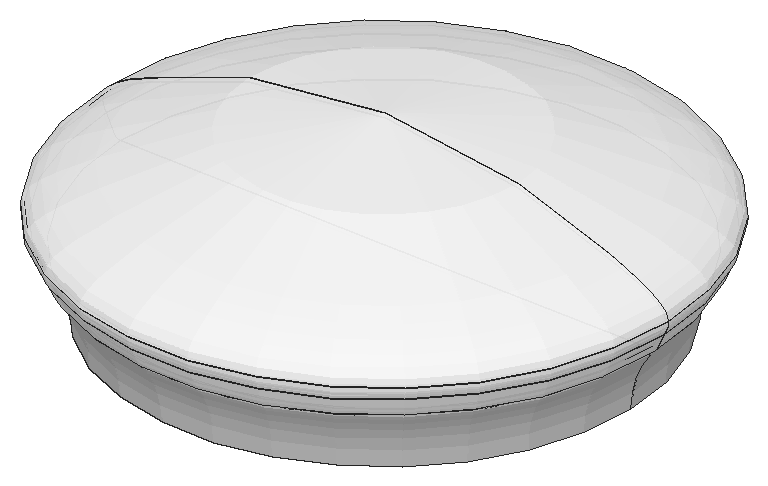
Revit family "0043405", category Lighting Devices, host Face, Revit 2023 (continued)
Definition of nested family "0043405_4000K_12.5W_lightsource"
  Parameters (values of type "START SURFACE IP54 500-2000 830/840 lightsource")
    built-in parameter 1150142 = "IESNA:LM-63-2002\r\n[TEST] 20231205007M-01\r\n[TESTLAB] \r\n[TESTDATE] 7 Dec 2023\r\n[ISSUEDATE] 7 Dec 2023\r\n[MANUFAC] SYLVANIA\r\n[LUMCAT] 0043405\r\n[LUMINAIRE] START Surface IP44 Multip 2000lm 830/840-4000K 1µµ\r\n[FLASHAREA] 0.017100\r\n[LAMPCAT] LED\r\n[LAMP] LED\r\nTILT=NONE\r\n1 1500.00 1.0 361 3 1 2 -0.300 -0.300 0.000\r\n1.00 1.00 12.50\r\n0.00 0.50 1.00 1.50 2.00 2.50 3.00 3.50 4.00 4.50 5.00 \r\n5.50 6.00 6.50 7.00 7.50 8.00 8.50 9.00 9.50 10.00 10.50 \r\n11.00 11.50 12.00 12.50 13.00 13.50 14.00 14.50 15.00 \r\n15.50 16.00 16.50 17.00 17.50 18.00 18.50 19.00 19.50 \r\n20.00 20.50 21.00 21.50 22.00 22.50 23.00 23.50 24.00 \r\n24.50 25.00 25.50 26.00 26.50 27.00 27.50 28.00 28.50 \r\n29.00 29.50 30.00 30.50 31.00 31.50 32.00 32.50 33.00 \r\n33.50 34.00 34.50 35.00 35.50 36.00 36.50 37.00 37.50 \r\n38.00 38.50 39.00 39.50 40.00 40.50 41.00 41.50 42.00 \r\n42.50 43.00 43.50 44.00 44.50 45.00 45.50 46.00 46.50 \r\n47.00 47.50 48.00 48.50 49.00 49.50 50.00 50.50 51.00 \r\n51.50 52.00 52.50 53.00 53.50 54.00 54.50 55.00 55.50 \r\n56.00 56.50 57.00 57.50 58.00 58.50 59.00 59.50 60.00 \r\n60.50 61.00 61.50 62.00 62.50 63.00 63.50 64.00 64.50 \r\n65.00 65.50 66.00 66.50 67.00 67.50 68.00 68.50 69.00 \r\n69.50 70.00 70.50 71.00 71.50 72.00 72.50 73.00 73.50 \r\n74.00 74.50 75.00 75.50 76.00 76.50 77.00 77.50 78.00 \r\n78.50 79.00 79.50 80.00 80.50 81.00 81.50 82.00 82.50 \r\n83.00 83.50 84.00 84.50 85.00 85.50 86.00 86.50 87.00 \r\n87.50 88.00 88.50 89.00 89.50 90.00 90.50 91.00 91.50 \r\n92.00 92.50 93.00 93.50 94.00 94.50 95.00 95.50 96.00 \r\n96.50 97.00 97.50 98.00 98.50 99.00 99.50 100.00 100.50 \r\n101.00 101.50 102.00 102.50 103.00 103.50 104.00 104.50 \r\n105.00 105.50 106.00 106.50 107.00 107.50 108.00 108.50 \r\n109.00 109.50 110.00 110.50 111.00 111.50 112.00 112.50 \r\n113.00 113.50 114.00 114.50 115.00 115.50 116.00 116.50 \r\n117.00 117.50 118.00 118.50 119.00 119.50 120.00 120.50 \r\n121.00 121.50 122.00 122.50 123.00 123.50 124.00 124.50 \r\n125.00 125.50 126.00 126.50 127.00 127.50 128.00 128.50 \r\n129.00 129.50 130.00 130.50 131.00 131.50 132.00 132.50 \r\n133.00 133.50 134.00 134.50 135.00 135.50 136.00 136.50 \r\n137.00 137.50 138.00 138.50 139.00 139.50 140.00 140.50 \r\n141.00 141.50 142.00 142.50 143.00 143.50 144.00 144.50 \r\n145.00 145.50 146.00 146.50 147.00 147.50 148.00 148.50 \r\n149.00 149.50 150.00 150.50 151.00 151.50 152.00 152.50 \r\n153.00 153.50 154.00 154.50 155.00 155.50 156.00 156.50 \r\n157.00 157.50 158.00 158.50 159.00 159.50 160.00 160.50 \r\n161.00 161.50 162.00 162.50 163.00 163.50 164.00 164.50 \r\n165.00 165.50 166.00 166.50 167.00 167.50 168.00 168.50 \r\n169.00 169.50 170.00 170.50 171.00 171.50 172.00 172.50 \r\n173.00 173.50 174.00 174.50 175.00 175.50 176.00 176.50 \r\n177.00 177.50 178.00 178.50 179.00 179.50 180.00 \r\n0.00 45.00 90.00 \r\n409.95 409.80 409.80 409.65 409.35 409.20 409.05 408.75 \r\n408.30 408.00 407.70 407.25 406.80 406.35 405.90 405.45 \r\n404.85 404.40 403.65 403.05 402.30 401.55 400.95 400.20 \r\n399.30 398.55 397.65 396.75 395.85 394.95 393.90 393.00 \r\n391.95 390.90 389.70 388.65 387.45 386.25 385.05 383.70 \r\n382.50 381.15 379.80 378.45 377.10 375.75 374.25 372.75 \r\n371.25 369.60 368.10 366.45 364.80 363.15 361.50 359.70 \r\n358.05 356.25 354.45 352.65 350.85 348.90 346.95 345.15 \r\n343.20 341.25 339.15 337.20 335.10 333.00 330.90 328.65 \r\n326.55 324.45 322.20 319.95 317.85 315.45 313.20 310.95 \r\n308.70 306.30 303.90 301.65 299.10 296.85 294.30 291.90 \r\n289.35 286.80 284.25 281.70 279.15 276.60 274.05 271.35 \r\n268.50 265.95 263.25 260.55 257.85 255.15 252.45 249.60 \r\n246.75 244.05 241.35 238.50 235.65 232.80 229.95 227.10 \r\n224.25 221.25 218.40 215.40 212.55 209.70 206.70 203.85 \r\n201.00 197.85 195.00 192.00 189.15 186.30 183.30 180.45 \r\n177.45 174.60 171.75 168.90 166.05 163.20 160.35 157.50 \r\n154.65 151.80 149.19 146.43 143.66 140.97 138.27 135.63 \r\n133.00 130.48 127.91 125.34 122.84 120.41 117.89 115.43 \r\n113.07 110.75 108.30 106.05 103.73 101.48 99.25 97.13 \r\n94.97 92.82 90.77 88.77 86.72 84.75 82.81 80.89 79.06 \r\n77.27 75.45 73.72 71.97 70.28 68.59 66.96 65.36 63.73 \r\n62.18 60.64 59.19 57.73 56.30 54.90 53.49 52.14 50.91 \r\n49.66 48.48 47.34 46.21 45.11 44.04 42.97 41.95 40.99 \r\n40.05 39.15 38.23 37.32 36.53 35.76 34.99 34.28 33.55 \r\n32.89 32.25 31.66 31.08 30.51 29.98 29.49 28.99 28.55 \r\n28.09 27.63 27.24 26.88 26.57 26.22 25.92 25.61 25.32 \r\n25.04 24.78 24.53 24.30 24.05 23.80 23.58 23.36 23.14 \r\n22.93 22.73 22.52 22.34 22.16 21.98 21.78 21.62 21.42 \r\n21.23 21.06 20.88 20.68 20.49 20.29 20.10 19.91 19.71 \r\n19.52 19.30 19.13 18.93 18.72 18.51 18.32 18.09 17.88 \r\n17.67 17.46 17.27 17.07 16.88 16.70 16.53 16.37 16.20 \r\n16.05 15.90 15.72 15.55 15.36 15.18 15.02 14.82 14.66 \r\n14.49 14.33 14.16 13.99 13.84 13.69 13.55 13.38 13.20 \r\n12.98 12.72 12.46 12.18 11.91 11.62 11.35 11.08 10.81 \r\n10.52 10.27 10.03 9.78 9.54 9.32 9.16 9.02 8.92 8.84 8.78 \r\n8.76 8.77 8.85 8.87 8.89 8.94 8.95 9.01 9.02 9.02 9.02 \r\n9.02 9.10 9.17 9.30 9.38 9.44 9.49 9.52 9.56 9.56 9.57 \r\n9.49 9.21 8.80 8.21 7.50 6.69 5.88 5.28 4.92 4.72 4.62 \r\n4.38 4.06 3.72 3.51 3.52 3.70 3.90 4.04 4.17 4.28 4.34 \r\n4.43 5.24 5.43 5.76 6.40 7.18 7.75 8.17 8.39 8.34 8.18 \r\n409.95 409.95 409.95 409.80 409.65 409.65 409.35 409.20 \r\n408.90 408.75 408.45 408.15 407.70 407.40 406.95 406.50 \r\n405.90 405.45 404.85 404.25 403.80 403.20 402.45 401.70 \r\n401.10 400.20 399.45 398.55 397.80 396.90 395.85 394.95 \r\n393.90 393.00 391.95 390.90 389.85 388.65 387.60 386.25 \r\n385.05 383.85 382.65 381.30 379.80 378.45 377.10 375.75 \r\n374.25 372.75 371.25 369.60 368.10 366.60 364.95 363.15 \r\n361.50 359.85 358.05 356.25 354.45 352.65 350.70 348.75 \r\n346.95 345.00 343.05 340.95 339.00 336.90 334.95 332.85 \r\n330.75 328.65 326.40 324.15 322.05 319.80 317.55 315.15 \r\n312.90 310.50 308.10 305.85 303.45 301.05 298.50 296.10 \r\n293.55 291.15 288.60 286.05 283.50 280.95 278.25 275.70 \r\n273.00 270.45 267.75 265.05 262.35 259.65 256.80 254.10 \r\n251.25 248.40 245.55 242.70 240.00 237.15 234.15 231.30 \r\n228.45 225.60 222.60 219.75 216.75 213.90 211.05 208.05 \r\n205.20 202.20 199.20 196.35 193.35 190.50 187.50 184.65 \r\n181.65 178.80 175.95 172.95 170.10 167.25 164.40 161.55 \r\n158.70 156.00 153.30 150.60 147.70 145.02 142.38 139.68 \r\n137.02 134.40 131.75 129.10 126.60 124.11 121.56 119.02 \r\n116.59 114.18 111.78 109.47 107.16 104.82 102.63 100.35 \r\n98.09 95.94 93.87 91.68 89.55 87.50 85.55 83.53 81.57 \r\n79.75 77.94 76.06 74.27 72.59 70.83 69.07 67.48 65.79 \r\n64.17 62.55 61.01 59.45 57.96 56.58 55.19 53.78 52.43 \r\n51.14 49.91 48.61 47.45 46.29 45.13 44.04 42.93 41.89 \r\n40.92 39.99 39.08 38.17 37.28 36.45 35.66 34.88 34.14 \r\n33.42 32.73 32.10 31.47 30.88 30.30 29.82 29.34 28.88 \r\n28.41 27.99 27.59 27.21 26.85 26.52 26.19 25.91 25.65 \r\n25.38 25.14 24.95 24.72 24.55 24.38 24.24 24.09 23.94 \r\n23.82 23.70 23.59 23.49 23.38 23.25 23.09 22.93 22.75 \r\n22.56 22.35 22.13 21.88 21.66 21.41 21.12 20.85 20.55 \r\n20.25 19.92 19.62 19.30 19.00 18.71 18.46 18.20 17.91 \r\n17.66 17.40 17.14 16.88 16.59 16.30 15.98 15.64 15.24 \r\n14.87 14.43 13.99 13.54 13.12 12.69 12.28 11.87 11.47 \r\n11.05 10.69 10.32 9.98 9.68 9.37 9.11 8.84 8.59 8.34 8.12 \r\n7.89 7.68 7.50 7.33 7.18 7.01 6.89 6.74 6.71 6.69 6.67 \r\n6.65 6.63 6.66 6.70 6.78 6.91 7.04 7.14 7.23 7.32 7.43 \r\n7.57 7.75 7.91 8.06 8.18 8.31 8.34 8.33 8.30 8.29 8.22 \r\n8.05 7.79 7.57 7.43 7.30 7.09 6.78 6.44 6.10 5.76 5.42 \r\n5.01 4.51 4.02 3.69 3.68 3.66 3.65 3.63 3.62 3.61 3.59 \r\n3.58 3.56 3.55 3.54 3.56 3.61 3.70 3.80 4.15 4.52 5.01 \r\n5.66 6.45 7.34 8.20 8.77 8.79 8.78 \r\n409.95 409.95 409.95 409.95 409.95 409.80 409.65 409.50 \r\n409.20 409.05 408.75 408.45 408.15 407.70 407.40 406.80 \r\n406.35 405.90 405.45 404.85 404.25 403.65 403.05 402.30 \r\n401.55 400.95 400.05 399.30 398.40 397.65 396.75 395.70 \r\n394.80 393.90 392.85 391.80 390.60 389.55 388.35 387.15 \r\n385.95 384.75 383.40 382.20 380.85 379.50 378.15 376.65 \r\n375.30 373.80 372.30 370.65 369.15 367.50 365.85 364.20 \r\n362.55 360.75 359.10 357.30 355.35 353.70 351.75 349.95 \r\n348.00 346.05 344.10 342.15 340.05 337.95 336.00 333.90 \r\n331.80 329.70 327.60 325.35 323.10 320.85 318.60 316.35 \r\n314.10 311.70 309.45 306.90 304.65 302.25 299.85 297.30 \r\n294.90 292.35 289.80 287.25 284.85 282.15 279.60 276.90 \r\n274.35 271.65 268.95 266.25 263.70 260.85 258.15 255.30 \r\n252.60 249.90 247.05 244.20 241.35 238.50 235.80 232.80 \r\n229.95 227.10 224.10 221.25 218.25 215.40 212.55 209.55 \r\n206.70 203.70 200.70 197.70 194.85 192.00 189.00 186.15 \r\n183.15 180.30 177.45 174.60 171.60 168.60 165.90 163.05 \r\n160.20 157.35 154.65 151.80 149.01 146.25 143.66 140.88 \r\n138.19 135.65 133.00 130.37 127.83 125.30 122.77 120.31 \r\n117.84 115.41 113.00 110.70 108.34 105.96 103.65 101.43 \r\n99.14 96.98 94.86 92.76 90.66 88.65 86.59 84.59 82.64 \r\n80.78 78.91 77.07 75.16 73.39 71.63 69.95 68.25 66.51 \r\n64.92 63.30 61.66 60.16 58.62 57.20 55.77 54.34 52.99 \r\n51.68 50.40 49.19 47.98 46.83 45.69 44.56 43.50 42.45 \r\n41.45 40.50 39.55 38.61 37.71 36.84 36.06 35.30 34.55 \r\n33.81 33.12 32.49 31.89 31.29 30.73 30.20 29.68 29.19 \r\n28.76 28.29 27.83 27.43 27.05 26.67 26.37 26.09 25.82 \r\n25.56 25.30 25.09 24.90 24.69 24.53 24.34 24.15 24.08 \r\n23.91 23.76 23.61 23.49 23.36 23.17 23.04 22.93 22.83 \r\n22.73 22.61 22.52 22.41 22.32 22.23 22.14 22.04 21.93 \r\n21.84 21.75 21.66 21.57 21.50 21.41 21.33 21.23 21.13 \r\n21.02 20.85 20.71 20.54 20.36 20.16 19.93 19.68 19.41 \r\n19.11 18.83 18.52 18.20 17.88 17.55 17.23 16.91 16.54 \r\n16.20 15.86 15.50 15.12 14.77 14.46 14.13 13.88 13.62 \r\n13.40 13.20 12.97 12.75 12.54 12.33 12.12 11.90 11.69 \r\n11.51 11.34 11.16 10.99 10.83 10.66 10.48 10.33 10.17 \r\n10.02 9.85 9.69 9.51 9.29 9.08 8.87 8.68 8.53 8.31 8.11 \r\n7.80 7.41 7.00 6.65 6.32 6.03 5.71 5.36 4.99 4.63 4.24 \r\n3.91 3.65 3.50 3.42 3.39 3.41 3.64 3.98 4.37 4.71 4.91 \r\n5.04 5.11 5.13 4.73 4.23 3.90 3.91 3.92 3.93 3.93 3.94 \r\n3.94 4.00 4.08 4.48 4.82 5.18 5.66 6.28 7.19 7.98 8.42 \r\n8.59 8.71 \r\n"
    Model = "START SURFACE IP54 500-2000 830/840 lightsource"
    Manufacturer = "Feilo Sylvania"
    built-in parameter 1150105 = 409.95 (stored number, unit not read)
    Lumens = 1500 lm
    built-in parameter 1150115 = 1 (stored number, unit not read)
    built-in parameter 1150137 = (empty or 0)
    built-in parameter 1150139 = (empty or 0)
    built-in parameter 1150112 = 1 (stored number, unit not read)
    built-in parameter 1150114 = 1 (stored number, unit not read)
    Lamp = "LED"
    Keynote = "16500"
    built-in parameter 1150132 = (empty or 0)
    built-in parameter 1150102 = 120
    built-in parameter 1150107 = 4000 (stored number, unit not read)
    built-in parameter 1150138 = (empty or 0)
    built-in parameter 1150106 = 4.0995 (stored number, unit not read)
    Emit from Circle Diameter = 300 mm  # constant formula
    Emit Shape Visible in Rendering = no
    built-in parameter 1150104 = 11.148 (stored number, unit not read)
    Dimming Lamp Color Temperature Shift = (empty or 0)
    Description = ""
    Default Elevation = 1219.2 mm
    Cost = 0
    Color Filter = 16777215
    built-in parameter 1114216 [instance] = (empty or 0)
    built-in parameter 1114218 = 1 (stored number, unit not read)
    built-in parameter 1150133 = 10 (stored number, unit not read)
    Assembly Code = "D5020200"
    Apparent Load = 0 VA
  Reference planes
    plane 1 "Center (Front/Back)": y = 0
    plane 2: z = 0
    plane 3 "Center (Left/Right)": x = 0
  Forms (mm)
    Extrusion 1, solid
      sketch origin (4.2, 0, 0) x (1, 0, 0) y (0, 1, 0)
        loop
          line (-1219.2, 1219.2) -> (-1219.2, -1219.2) -> (1219.2, -1219.2) -> (1219.2, 1219.2) -> (-1219.2, 1219.2)
      from 0 to -68.017
  Dimensions and locks
    aligned and locked: plane 2 to Extrusion 1
    aligned and locked: level to Extrusion 1
Definition of nested family "0043405_4000K_16.5W_lightsource"
  Parameters (values of type "START SURFACE IP54 500-2000 830/840 lightsource")
    Wattage Comments = "n/a"
    Wattage = 16.5 W
    built-in parameter 1150110 = 1 (stored number, unit not read)
    URL = "http://www.sylvania-lighting.com"
    Type Image = (empty or 0)
    Type Comments = "n/a"
    built-in parameter 1114217 = 1 (stored number, unit not read)
    Tilt Angle = -90.00°
    built-in parameter 1150109 = 1 (stored number, unit not read)
    built-in parameter 1150134 = 12
    built-in parameter 1150113 = 1 (stored number, unit not read)
    Photometric Web File = "0043405_4000K_16.5W.IES"
    built-in parameter 1150142 = "IESNA:LM-63-2002\r\n[TEST] 20231205007M-01\r\n[TESTLAB] \r\n[TESTDATE] 7 Dec 2023\r\n[ISSUEDATE] 7 Dec 2023\r\n[MANUFAC] SYLVANIA\r\n[LUMCAT] 0043405\r\n[LUMINAIRE] START Surface IP44 Multip 2000lm 830/840-4000K 1µµ\r\n[FLASHAREA] 0.017100\r\n[LAMPCAT] LED\r\n[LAMP] LED\r\nTILT=NONE\r\n1 2000.00 1.0 361 3 1 2 -0.300 -0.300 0.000\r\n1.00 1.00 16.50\r\n0.00 0.50 1.00 1.50 2.00 2.50 3.00 3.50 4.00 4.50 5.00 \r\n5.50 6.00 6.50 7.00 7.50 8.00 8.50 9.00 9.50 10.00 10.50 \r\n11.00 11.50 12.00 12.50 13.00 13.50 14.00 14.50 15.00 \r\n15.50 16.00 16.50 17.00 17.50 18.00 18.50 19.00 19.50 \r\n20.00 20.50 21.00 21.50 22.00 22.50 23.00 23.50 24.00 \r\n24.50 25.00 25.50 26.00 26.50 27.00 27.50 28.00 28.50 \r\n29.00 29.50 30.00 30.50 31.00 31.50 32.00 32.50 33.00 \r\n33.50 34.00 34.50 35.00 35.50 36.00 36.50 37.00 37.50 \r\n38.00 38.50 39.00 39.50 40.00 40.50 41.00 41.50 42.00 \r\n42.50 43.00 43.50 44.00 44.50 45.00 45.50 46.00 46.50 \r\n47.00 47.50 48.00 48.50 49.00 49.50 50.00 50.50 51.00 \r\n51.50 52.00 52.50 53.00 53.50 54.00 54.50 55.00 55.50 \r\n56.00 56.50 57.00 57.50 58.00 58.50 59.00 59.50 60.00 \r\n60.50 61.00 61.50 62.00 62.50 63.00 63.50 64.00 64.50 \r\n65.00 65.50 66.00 66.50 67.00 67.50 68.00 68.50 69.00 \r\n69.50 70.00 70.50 71.00 71.50 72.00 72.50 73.00 73.50 \r\n74.00 74.50 75.00 75.50 76.00 76.50 77.00 77.50 78.00 \r\n78.50 79.00 79.50 80.00 80.50 81.00 81.50 82.00 82.50 \r\n83.00 83.50 84.00 84.50 85.00 85.50 86.00 86.50 87.00 \r\n87.50 88.00 88.50 89.00 89.50 90.00 90.50 91.00 91.50 \r\n92.00 92.50 93.00 93.50 94.00 94.50 95.00 95.50 96.00 \r\n96.50 97.00 97.50 98.00 98.50 99.00 99.50 100.00 100.50 \r\n101.00 101.50 102.00 102.50 103.00 103.50 104.00 104.50 \r\n105.00 105.50 106.00 106.50 107.00 107.50 108.00 108.50 \r\n109.00 109.50 110.00 110.50 111.00 111.50 112.00 112.50 \r\n113.00 113.50 114.00 114.50 115.00 115.50 116.00 116.50 \r\n117.00 117.50 118.00 118.50 119.00 119.50 120.00 120.50 \r\n121.00 121.50 122.00 122.50 123.00 123.50 124.00 124.50 \r\n125.00 125.50 126.00 126.50 127.00 127.50 128.00 128.50 \r\n129.00 129.50 130.00 130.50 131.00 131.50 132.00 132.50 \r\n133.00 133.50 134.00 134.50 135.00 135.50 136.00 136.50 \r\n137.00 137.50 138.00 138.50 139.00 139.50 140.00 140.50 \r\n141.00 141.50 142.00 142.50 143.00 143.50 144.00 144.50 \r\n145.00 145.50 146.00 146.50 147.00 147.50 148.00 148.50 \r\n149.00 149.50 150.00 150.50 151.00 151.50 152.00 152.50 \r\n153.00 153.50 154.00 154.50 155.00 155.50 156.00 156.50 \r\n157.00 157.50 158.00 158.50 159.00 159.50 160.00 160.50 \r\n161.00 161.50 162.00 162.50 163.00 163.50 164.00 164.50 \r\n165.00 165.50 166.00 166.50 167.00 167.50 168.00 168.50 \r\n169.00 169.50 170.00 170.50 171.00 171.50 172.00 172.50 \r\n173.00 173.50 174.00 174.50 175.00 175.50 176.00 176.50 \r\n177.00 177.50 178.00 178.50 179.00 179.50 180.00 \r\n0.00 45.00 90.00 \r\n543.40 543.20 543.00 542.80 542.60 542.20 542.00 541.60 \r\n541.00 540.60 540.20 539.60 539.00 538.40 537.60 537.00 \r\n536.20 535.40 534.40 533.60 532.60 531.60 530.60 529.60 \r\n528.60 527.40 526.20 525.00 523.80 522.40 521.20 519.80 \r\n518.40 517.00 515.40 514.00 512.40 510.80 509.20 507.40 \r\n505.60 504.00 502.20 500.20 498.40 496.40 494.40 492.60 \r\n490.60 488.40 486.20 484.20 482.00 479.80 477.40 475.20 \r\n472.80 470.40 468.00 465.60 463.20 460.60 458.00 455.60 \r\n453.00 450.20 447.60 444.80 442.20 439.40 436.60 433.80 \r\n431.00 428.20 425.20 422.20 419.20 416.20 413.20 410.20 \r\n407.20 404.00 401.00 397.80 394.60 391.40 388.20 384.80 \r\n381.40 378.20 375.00 371.60 368.20 364.80 361.20 357.80 \r\n354.20 350.80 347.20 343.60 340.20 336.60 332.80 329.20 \r\n325.40 321.80 318.00 314.20 310.60 306.80 303.00 299.20 \r\n295.40 291.60 287.80 284.00 280.20 276.40 272.40 268.40 \r\n264.80 260.80 257.00 253.00 249.20 245.60 241.60 237.80 \r\n234.00 230.00 226.20 222.40 218.80 215.00 211.20 207.60 \r\n203.80 200.20 196.68 193.00 189.38 185.80 182.30 178.86 \r\n175.42 172.08 168.58 165.16 161.90 158.62 155.36 152.16 \r\n149.04 145.92 142.90 139.84 136.86 133.94 131.00 128.10 \r\n125.20 122.40 119.78 117.22 114.62 112.10 109.66 107.18 \r\n104.70 102.44 100.02 97.70 95.42 93.22 90.98 88.78 86.66 \r\n84.48 82.34 80.30 78.32 76.38 74.44 72.62 70.78 69.04 \r\n67.34 65.74 64.16 62.62 61.14 59.64 58.18 56.80 55.44 \r\n54.16 52.96 51.74 50.58 49.48 48.44 47.42 46.44 45.42 \r\n44.46 43.58 42.74 41.96 41.22 40.50 39.80 39.16 38.54 \r\n37.96 37.40 36.86 36.36 35.86 35.38 34.88 34.48 34.08 \r\n33.68 33.30 32.96 32.62 32.28 31.98 31.68 31.38 31.06 \r\n30.78 30.50 30.22 29.96 29.70 29.44 29.18 28.92 28.68 \r\n28.42 28.16 27.94 27.68 27.44 27.16 26.90 26.64 26.36 \r\n26.08 25.82 25.54 25.28 25.02 24.74 24.46 24.18 23.88 \r\n23.60 23.32 23.08 22.80 22.54 22.28 22.04 21.82 21.60 \r\n21.38 21.14 20.90 20.66 20.44 20.20 19.96 19.72 19.49 \r\n19.26 19.04 18.80 18.59 18.38 18.18 18.01 17.80 17.59 \r\n17.31 16.96 16.58 16.19 15.82 15.45 15.08 14.70 14.34 \r\n13.98 13.61 13.25 12.93 12.62 12.31 12.04 11.85 11.70 \r\n11.56 11.45 11.40 11.40 11.55 11.68 11.76 11.84 11.91 \r\n11.99 12.02 12.03 12.03 12.00 11.99 11.99 12.04 12.15 \r\n12.27 12.36 12.43 12.46 12.47 12.48 12.48 12.34 11.95 \r\n11.38 10.56 9.65 8.58 7.62 6.82 6.47 6.28 6.22 5.97 5.56 \r\n5.15 4.99 5.07 5.30 5.52 5.69 5.81 5.92 5.99 6.16 7.26 \r\n7.52 8.01 8.84 9.82 10.56 11.01 11.17 10.92 10.59 \r\n543.40 543.40 543.40 543.20 543.20 542.80 542.60 542.40 \r\n542.00 541.60 541.40 540.80 540.40 539.80 539.20 538.60 \r\n538.00 537.40 536.60 535.80 535.00 534.20 533.40 532.40 \r\n531.40 530.40 529.40 528.20 527.00 525.80 524.60 523.40 \r\n522.00 520.80 519.40 517.80 516.40 515.00 513.40 511.80 \r\n510.20 508.60 506.80 505.20 503.40 501.60 499.60 497.80 \r\n495.80 493.80 491.80 489.60 487.80 485.60 483.40 481.20 \r\n479.00 476.60 474.40 472.00 469.60 467.20 464.60 462.20 \r\n459.60 457.00 454.40 451.80 449.20 446.60 443.80 441.00 \r\n438.20 435.40 432.60 429.60 426.80 423.80 420.80 417.80 \r\n414.80 411.60 408.60 405.60 402.40 399.20 396.00 392.80 \r\n389.60 386.20 382.80 379.60 376.20 373.00 369.40 365.80 \r\n362.40 359.00 355.40 352.00 348.40 344.80 341.00 337.60 \r\n334.00 330.20 326.60 322.80 319.20 315.40 311.60 307.80 \r\n304.20 300.20 296.40 292.60 288.80 285.00 281.00 277.20 \r\n273.40 269.60 265.60 261.80 258.00 254.00 250.20 246.40 \r\n242.60 238.80 234.80 231.20 227.40 223.40 219.80 216.00 \r\n212.40 208.60 205.00 201.20 197.62 194.00 190.46 186.80 \r\n183.48 179.86 176.40 172.98 169.72 166.28 162.98 159.64 \r\n156.36 153.14 149.94 146.80 143.70 140.60 137.58 134.54 \r\n131.66 128.80 126.00 123.16 120.30 117.54 114.88 112.24 \r\n109.66 107.16 104.70 102.32 99.94 97.62 95.28 92.94 90.74 \r\n88.50 86.28 84.18 82.12 80.04 78.08 76.18 74.32 72.44 \r\n70.62 68.88 67.18 65.48 63.88 62.32 60.84 59.38 57.94 \r\n56.58 55.20 53.88 52.64 51.48 50.28 49.14 48.06 47.10 \r\n46.12 45.20 44.24 43.40 42.54 41.76 40.98 40.24 39.56 \r\n38.90 38.28 37.72 37.24 36.74 36.26 35.80 35.38 34.98 \r\n34.62 34.26 33.94 33.66 33.38 33.10 32.88 32.68 32.48 \r\n32.32 32.14 31.98 31.84 31.72 31.54 31.34 31.14 30.92 \r\n30.66 30.40 30.12 29.82 29.52 29.20 28.84 28.48 28.10 \r\n27.70 27.28 26.86 26.42 26.02 25.62 25.24 24.86 24.48 \r\n24.10 23.76 23.40 23.02 22.68 22.30 21.88 21.38 20.86 \r\n20.34 19.78 19.19 18.58 17.99 17.43 16.86 16.30 15.74 \r\n15.26 14.78 14.28 13.80 13.37 12.97 12.59 12.25 11.92 \r\n11.61 11.31 11.02 10.75 10.52 10.27 10.01 9.77 9.57 9.37 \r\n9.20 9.16 9.11 9.07 9.03 8.99 9.01 9.04 9.16 9.31 9.48 \r\n9.63 9.75 9.86 10.00 10.19 10.43 10.63 10.81 10.95 11.01 \r\n11.03 11.02 10.98 10.87 10.72 10.42 10.08 9.80 9.65 9.49 \r\n9.18 8.78 8.29 7.81 7.33 6.90 6.36 5.68 5.11 4.72 4.58 \r\n4.59 4.61 4.62 4.63 4.64 4.65 4.66 4.67 4.76 4.84 4.95 \r\n5.07 5.17 5.31 5.74 6.19 6.80 7.64 8.63 9.81 10.99 11.63 \r\n11.65 11.58 \r\n543.40 543.60 543.60 543.60 543.60 543.40 543.20 543.00 \r\n542.80 542.60 542.20 541.80 541.40 541.00 540.60 540.00 \r\n539.60 539.00 538.20 537.60 536.80 536.20 535.20 534.40 \r\n533.40 532.60 531.60 530.60 529.60 528.40 527.20 526.20 \r\n524.80 523.60 522.20 521.00 519.60 518.20 516.60 515.20 \r\n513.60 512.00 510.40 508.60 507.00 505.20 503.40 501.60 \r\n499.80 497.80 495.80 493.80 491.80 489.80 487.60 485.60 \r\n483.20 481.20 478.80 476.60 474.20 471.80 469.40 467.00 \r\n464.40 462.00 459.60 456.80 454.20 451.60 449.00 446.20 \r\n443.40 440.60 437.80 435.00 432.20 429.20 426.20 423.40 \r\n420.40 417.40 414.20 411.20 408.00 405.00 401.80 398.60 \r\n395.40 392.20 388.80 385.40 382.20 378.80 375.40 372.00 \r\n368.60 365.20 361.80 358.20 354.60 351.20 347.60 344.00 \r\n340.40 336.60 333.00 329.20 325.60 321.80 318.20 314.40 \r\n310.60 306.80 303.00 299.20 295.40 291.60 287.80 283.80 \r\n280.00 276.00 272.20 268.40 264.40 260.60 256.80 252.80 \r\n249.00 245.00 241.20 237.40 233.60 229.80 226.00 222.20 \r\n218.40 214.60 211.00 207.20 203.40 199.76 196.16 192.54 \r\n188.90 185.48 181.92 178.40 174.90 171.50 168.08 164.74 \r\n161.36 158.10 154.84 151.70 148.50 145.44 142.30 139.26 \r\n136.20 133.26 130.42 127.52 124.62 121.82 119.06 116.36 \r\n113.66 111.10 108.54 106.02 103.52 101.04 98.66 96.30 \r\n94.00 91.76 89.50 87.30 85.12 83.08 81.02 79.04 77.08 \r\n75.18 73.34 71.58 69.76 68.04 66.42 64.86 63.28 61.72 \r\n60.22 58.78 57.34 55.92 54.62 53.38 52.18 51.00 49.90 \r\n48.80 47.76 46.72 45.76 44.82 43.88 43.04 42.24 41.48 \r\n40.76 40.06 39.42 38.80 38.22 37.72 37.12 36.58 36.10 \r\n35.62 35.22 34.86 34.50 34.20 33.90 33.62 33.36 33.12 \r\n32.90 32.74 32.54 32.32 32.12 31.94 31.74 31.52 31.34 \r\n31.18 31.04 30.90 30.76 30.64 30.50 30.38 30.26 30.12 \r\n30.00 29.88 29.74 29.64 29.52 29.40 29.30 29.18 29.08 \r\n28.96 28.82 28.66 28.46 28.28 28.06 27.84 27.56 27.26 \r\n26.92 26.60 26.20 25.82 25.40 24.98 24.54 24.12 23.66 \r\n23.16 22.70 22.24 21.76 21.26 20.78 20.30 19.85 19.42 \r\n19.04 18.69 18.37 18.11 17.82 17.54 17.24 16.96 16.68 \r\n16.40 16.13 15.88 15.62 15.40 15.17 14.96 14.73 14.52 \r\n14.29 14.08 13.86 13.63 13.40 13.15 12.85 12.53 12.26 \r\n11.97 11.70 11.39 11.09 10.69 10.22 9.77 9.34 8.91 8.52 \r\n8.14 7.69 7.19 6.67 6.15 5.65 5.24 4.89 4.65 4.54 4.52 \r\n4.80 5.26 5.77 6.20 6.45 6.65 6.75 6.75 6.24 5.61 5.09 \r\n4.95 4.95 4.96 5.00 5.05 5.11 5.20 5.27 5.69 6.32 6.79 \r\n7.35 8.08 9.17 10.33 11.11 11.43 11.53 \r\n"
    Model = "START SURFACE IP54 500-2000 830/840 lightsource"
    Manufacturer = "Feilo Sylvania"
    built-in parameter 1150105 = 538.16 (stored number, unit not read)
    Lumens = 1980 lm
    built-in parameter 1150115 = 1 (stored number, unit not read)
    built-in parameter 1150137 = (empty or 0)
    built-in parameter 1150139 = (empty or 0)
    built-in parameter 1150112 = 1 (stored number, unit not read)
    built-in parameter 1150114 = 1 (stored number, unit not read)
    Lamp = "LED"
    Keynote = "16500"
    built-in parameter 1150132 = (empty or 0)
    built-in parameter 1150102 = 120
    built-in parameter 1150107 = 4000 (stored number, unit not read)
    built-in parameter 1150138 = (empty or 0)
    built-in parameter 1150106 = 5.3816 (stored number, unit not read)
    Emit from Circle Diameter = 300 mm  # constant formula
    Emit Shape Visible in Rendering = no
    built-in parameter 1150104 = 11.148 (stored number, unit not read)
    Dimming Lamp Color Temperature Shift = (empty or 0)
    Description = ""
    Default Elevation = 1219.2 mm
    Cost = 0
    Color Filter = 16777215
    built-in parameter 1114216 [instance] = (empty or 0)
    built-in parameter 1114218 = 1 (stored number, unit not read)
    built-in parameter 1150133 = 10 (stored number, unit not read)
    Assembly Code = "D5020200"
    Apparent Load = 0 VA
  Reference planes
    plane 1 "Center (Front/Back)": y = 0
    plane 2: z = 0
    plane 3 "Center (Left/Right)": x = 0
  Forms (mm)
    Extrusion 1, solid
      sketch origin (4.2, 0, 0) x (1, 0, 0) y (0, 1, 0)
        loop
          line (-1219.2, 1219.2) -> (-1219.2, -1219.2) -> (1219.2, -1219.2) -> (1219.2, 1219.2) -> (-1219.2, 1219.2)
      from 0 to -68.017
  Dimensions and locks
    aligned and locked: plane 2 to Extrusion 1
    aligned and locked: level to Extrusion 1
